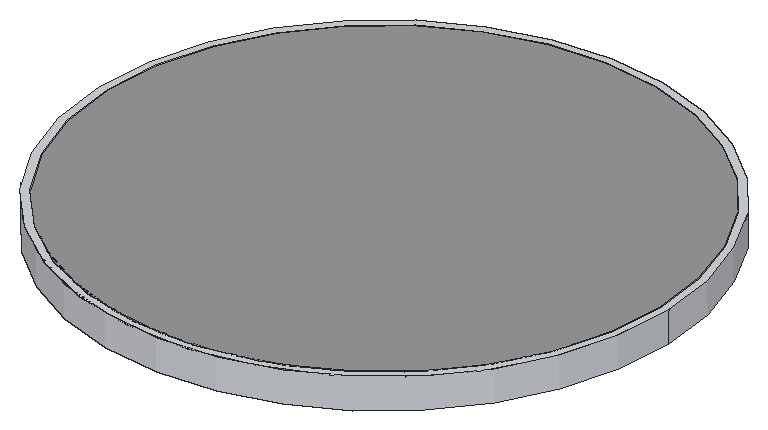
Revit family "2071327", category Lighting Fixtures, host Face, Revit 2018
Family settings
  Host = Face
  Round Connector Dimension = Use Diameter
  Part Type = Junction Box
  OmniClass Number = 23.80.70.00
  OmniClass Title = Lighting
  Cut with Voids When Loaded = No
  Light Source = Yes
  Shared = No
  Room Calculation Point = No
Parameters (values of type "2071327 COLOSSAL 1200 940 PR DIR+H WHT SSA02")
  iner diameter = 1168 mm
  Weight = "n/a"
  Wattage Comments = ""
  Wattage = 30 W
  WarrantyStartDate [instance] = "n/a"
  WarrantyGuarantorParts = "n/a"
  WarrantyDurationUnit = "n/a"
  WarrantyDurationParts = ""
  WarrantyDescription = "http://www.sylvania-lighting.com"
  built-in parameter 1150110 = 1 (stored number, unit not read)
  Voltage = 230 V
  URL = "0.95"
  TypeName = "COLOSSAL 1200mm 940 PRISM DIR+HAL WHITE SSA02"
  Type Image = <None>
  Type Comments = "n/a"
  built-in parameter 1114217 = 1 (stored number, unit not read)
  Tilt Angle = -90.00°
  built-in parameter 1150109 = 1 (stored number, unit not read)
  built-in parameter 1150134 = (empty or 0)
  built-in parameter 1150113 = 1 (stored number, unit not read)
  SerialNumber [instance] = "n/a"
  Photometric Web File = "2071327.ies"
  Material_3_SYL = LED-Sylvania
  PowerFactor = 0
  PowerConsumption = "Lighting"
  NominalLength = 1168 mm
  NominalHeight = 93 mm
  NominalDepth = 1168 mm
  Name = "COLOSSAL 1200mm 940 PRISM DIR+HAL WHITE SSA02"
  ModelReference = Name  # "COLOSSAL 1200mm 940 PRISM DIR+HAL WHITE SSA02"
  ModelNumber = "2071327"
  Model = Name  # "COLOSSAL 1200mm 940 PRISM DIR+HAL WHITE SSA02"
  Material = "Feilo Sylvania"
  ManufacturerName = "118 lm/W"
  Manufacturer = ""
  LuminousEfficacy = ""
  built-in parameter 1150105 = 270.44 (stored number, unit not read)
  Lumens = 3398.4 lm
  LuminaireType = "0"
  built-in parameter 1150115 = 1 (stored number, unit not read)
  LightOutputRatio = "LED"
  built-in parameter 1150137 = (empty or 0)
  built-in parameter 1150139 = (empty or 0)
  LampsType = Lamp  # "n/a"
  LampNominalLuminous = "4000 K"
  LampMacAdamStep = "90"
  LampColourTemperature = "LED"
  LampColourRenderingIndex = "16500"
  built-in parameter 1150112 = 1 (stored number, unit not read)
  built-in parameter 1150114 = 1 (stored number, unit not read)
  Lamp = "n/a"
  Keynote = "n/a"
  InstallationDate [instance] = "n/a"
  InputVoltage = "0"
  InputNominalFrequency = "4000"
  built-in parameter 1150132 = (empty or 0)
  built-in parameter 1150102 = (empty or 0)
  built-in parameter 1150107 = 3000 (stored number, unit not read)
  built-in parameter 1150138 = (empty or 0)
  IngressProtection = "IfcLightFixtureType"
  ImpactProtectionIndex = "IfcLightFixtureType"
  built-in parameter 1150106 = 2.7044 (stored number, unit not read)
  IfcExportType = "IfcLightFixtureType"
  IfcExportAs = "Class I"
  Emit from Circle Diameter = 385 mm
  Emit Shape Visible in Rendering = no
  ElectricShockClassification = "118"
  built-in parameter 1150104 = 10.524 (stored number, unit not read)
  DocumentationLiterature = "http://www.sylvania-lighting.com/product/en-int/products/2071327"
  DimmingControlOptions = "n/a"
  Material_2_SYL = Polycarbonate_Sylvania_White
  Dimming Lamp Color Temperature Shift = <None>
  Description = "1200mm diameter circular architectural luminaire, can be surface mounted or suspended. Powder coated aluminium housing (RAL9016) with PMMA prismatic diffuser. Direct/indirect (halo) light distribution, 14190lm luminuous flux, 120W system power, 118lm/W luminiaire efficacy. Sylsmart Connected enabled. Colour rendering index Ra >90, 4000K Neutral White LED, chromaticity tolerance of 3-step MacAdam ellipse. IP40/IP20, IK03. 350mA drive current. UGR≤19. Electrical protection Class1, 220-240V. Reported lifetime 66k hours L90B10."
  Default Elevation = 1219.2 mm
  CreatedOn = "23/03/2022"
  CreatedBy = "@sylvania-lighting.com"
  Cost = 0
  Color Filter = 16777215
  built-in parameter 1114216 [instance] = (empty or 0)
  ClassificationValue = "EF_70_80"
  ClassificationName = "Uniclass2015"
  Material_1_SYL = Polycarbonate_Sylvania_Opal
  BarCode [instance] = "n/a"
  built-in parameter 1114218 = 1 (stored number, unit not read)
  built-in parameter 1150133 = 10 (stored number, unit not read)
  AssetType = "Fixed"
  AssetIdentifier [instance] = "n/a"
  Assembly Code = "D5020200"
  Apparent Load = 120 VA
  Material_4_SYL = none
Reference planes
  plane 1 "Center (Front/Back)": y = 0
  plane 2: z = 0
  plane 3 "Center (Left/Right)": x = 0
  plane 4: z = 1.161
  plane 5: z = 16.161
  plane 6: y = 584
  plane 7: y = -584
  plane 8: x = 85
  plane 9: x = -85
  plane 10: through (0, 0, 1219.2) normal (0.5, 0.866, 0)
  plane 11: through (42.5, 73.612, 1219.2) normal (0.5, 0.866, 0)
  plane 12: through (-42.5, -73.612, 1219.2) normal (0.5, 0.866, 0)
  plane 13: through (0, 0, 1219.2) normal (0.5, -0.866, 0)
  plane 14: through (-42.5, 73.612, 1219.2) normal (0.5, -0.866, 0)
  plane 15: through (42.5, -73.612, 1219.2) normal (0.5, -0.866, 0)
  plane 16: z = 93
  plane 17: y = 584
  plane 18: y = -584
  plane 19: y = -429
  plane 20: x = -584
  plane 21: x = 584
Forms (mm)
  Extrusion 1, solid, detail levels medium+fine
    sketch origin (0, 0, 0) x (0.866025, -0.5, 0) y (0.5, 0.866025, 0)
      loop
        circle (-50, 86.603) r 22
    from 0 to 2
  Extrusion 2, solid, detail levels medium+fine
    sketch origin (0, 0, 0) x (0.866025, -0.5, 0) y (0.5, 0.866025, 0)
      loop
        circle (100, 0) r 22
      loop
        circle (-50, -86.603) r 22
    from 0 to 2
  Extrusion 3, solid, detail levels medium+fine
    sketch origin (0, 0, 0) x (1, 0, 0) y (0, 1, 0)
      loop
        circle (0, 0) r 584
    from 30 to 93
  Extrusion 4, void
    sketch origin (0, 0, 0) x (1, 0, 0) y (0, 1, 0)
      loop
        circle (0, 0) r 568
    from 96.588 to 37.292
  Extrusion 5, solid, material "Glass, White, High Luminance", detail levels fine
    sketch origin (0, 0, 0) x (1, 0, 0) y (0, 1, 0)
      loop
        circle (0, 0) r 568
    from 88.022 to 93
  Extrusion 6, solid, detail levels coarse
    sketch origin (0, 0, 0) x (1, 0, 0) y (0, 1, 0)
      loop
        line (-584, 584) -> (-584, -584) -> (584, -584) -> (584, 584) -> (-584, 584)
    from 0 to 93
  Blend 7, solid, detail levels medium+fine
    base sketch origin (-10.814, 11.299, 29.922) x (1, 0, 0) y (0, 1, 0)
      loop
        line (-402.654, -330.622) -> (397.346, -330.622) -> (482.346, -183.398) -> (82.346, 509.423) -> (-87.654, 509.423) -> (-487.654, -183.398) -> (-402.654, -330.622)
    top sketch origin (-10.814, 11.299, 29.922) x (1, 0, 0) y (0, 1, 0)
      loop
        line (-363.391, -306.496) -> (364.632, -306.496) -> (449.632, -159.272) -> (87.132, 468.597) -> (-82.868, 468.597) -> (-445.368, -159.272) -> (-363.391, -306.496)
    from 0 to -30
Cuts and joins
  Extrusion 4 cuts Extrusion 1
  Extrusion 4 cuts Extrusion 2
  Extrusion 4 cuts Extrusion 3
Lines and regions (mm)
  model lines, detail levels medium+fine
    curve 1: circle (0, 0, 0) r 155 normal (0, 0, 1)
  reference lines
    curve 2: circle (0, 0, 0) r 489 normal (0, 0, 1)
    curve 3: circle (0, 0, 0) r 521 normal (0, 0, 1)
    curve 4: line (0, 0, 0) -> (606.218, -350, 0)
    curve 5: line (0, 0, 0) -> (0, 825, 0)
    curve 6: line (0, 0, 0) -> (-623.538, -360, 0)
    curve 7: line (639.013, -270.785, 0) -> (85, 49.075, 0)
    curve 8: line (563.718, -423.612, 0) -> (0, -98.15, 0)
    curve 9: line (85, 49.075, 0) -> (85, 825, 0)
    curve 10: line (-85, 49.075, 0) -> (-85, 825, 0)
    curve 11: line (-85, 49.075, 0) -> (-666.038, -286.388, 0)
    curve 12: line (-581.038, -433.612, 0) -> (0, -98.15, 0)
Dimensions and locks
  plane 4 to level = 1.161 mm
  locked: plane 5 to plane 4 at 15
  "NominalDepth": plane 6 to plane 7
  plane 6 to plane 1 "Center (Front/Back)" to plane 7 = 584 mm, 584 mm
  "NominalHeight": level to plane 16
  equal spacing: plane 17, plane 1 "Center (Front/Back)", plane 18
  "NominalLength": plane 20 to plane 21
  equal spacing: plane 20, plane 3 "Center (Left/Right)", plane 21
  aligned and locked: plane 2 to host face
  aligned and locked: level to host face
  aligned and locked: plane 6 to Extrusion 6
Automatic sketch dimensions
  host sketch curve to host sketch curve = 2438.4 mm  (x2)
  Extrusion 1 sketch curve to plane 3 "Center (Left/Right)" = 0 mm
  Extrusion 1 sketch curve to plane 1 "Center (Front/Back)" = 100 mm
  plane 1 "Center (Front/Back)" to Extrusion 2 sketch curve = 50 mm
  Extrusion 2 sketch curve to plane 3 "Center (Left/Right)" = 86.603 mm
  Extrusion 2 sketch curve to Extrusion 2 sketch curve = 150 mm
  Extrusion 2 sketch curve to Extrusion 2 sketch curve = 86.603 mm
  plane 1 "Center (Front/Back)" to curve 1 = 0 mm
  curve 1 to plane 3 "Center (Left/Right)" = 0 mm
  plane 1 "Center (Front/Back)" to Extrusion 3 sketch curve = 0 mm
  Extrusion 3 sketch curve to plane 3 "Center (Left/Right)" = 0 mm
  plane 1 "Center (Front/Back)" to Extrusion 4 sketch curve = 0 mm
  Extrusion 4 sketch curve to plane 3 "Center (Left/Right)" = 0 mm
  plane 1 "Center (Front/Back)" to Extrusion 5 sketch curve = 0 mm
  Extrusion 5 sketch curve to plane 3 "Center (Left/Right)" = 0 mm
  curve 2 to curve 3 = 0 mm  (x2)
  curve 11 to plane 14 = 0 mm
  curve 6 to plane 13 = 0 mm
  curve 12 to plane 15 = 0 mm
  curve 10 to plane 9 = 0 mm
  curve 12 to plane 3 "Center (Left/Right)" = 0 mm
  plane 1 "Center (Front/Back)" to curve 3 = 0 mm
  curve 3 to plane 3 "Center (Left/Right)" = 0 mm
  curve 7 to plane 8 = 0 mm
  curve 11 to plane 10 = 0 mm
  curve 12 to plane 19 = 4.612 mm
  plane 19 to curve 6 = 69 mm
  plane 19 to curve 11 = 142.612 mm
  plane 19 to curve 8 = 5.388 mm
  plane 19 to curve 4 = 79 mm
  plane 19 to curve 7 = 158.215 mm
  plane 6 to curve 5 = 241 mm
  curve 10 to curve 5 = 0 mm
  curve 5 to curve 9 = 0 mm
  plane 1 "Center (Front/Back)" to curve 6 = 0 mm
  curve 6 to plane 3 "Center (Left/Right)" = 0 mm
  Extrusion 6 sketch curve to plane 7 = 0 mm
  Extrusion 6 sketch curve to plane 6 = 0 mm
  Blend 7 sketch curve to plane 6 = 756.098 mm  (x2)
  Blend 7 sketch curve to Blend 7 sketch curve = 85 mm
  plane 3 "Center (Left/Right)" to Blend 7 sketch curve = 386.532 mm
  plane 8 to Blend 7 sketch curve = 386.532 mm
  Blend 7 sketch curve to plane 6 = 63.278 mm
  Blend 7 sketch curve to plane 6 = 731.972 mm  (x2)
  Blend 7 sketch curve to Blend 7 sketch curve = 81.977 mm
  plane 3 "Center (Left/Right)" to Blend 7 sketch curve = 353.818 mm
  plane 8 to Blend 7 sketch curve = 353.818 mm
  Blend 7 sketch curve to plane 6 = 104.104 mm
  plane 12 to curve 8 = 0 mm
  plane 19 to Blend 7 sketch curve = 109.677 mm
  plane 19 to Blend 7 sketch curve = 133.803 mm
  plane 8 to Extrusion 6 sketch curve = 499 mm
  Extrusion 6 sketch curve to plane 9 = 499 mm
  Blend 7 sketch curve to plane 8 = 13.468 mm
  Blend 7 sketch curve to plane 9 = 13.468 mm
  Blend 7 sketch curve to plane 9 = 328.468 mm
  Blend 7 sketch curve to plane 8 = 8.682 mm
  Blend 7 sketch curve to plane 9 = 8.682 mm
  Blend 7 sketch curve to plane 9 = 289.205 mm
  plane 10 to curve 4 = 0 mm
  plane 11 to curve 7 = 0 mm
  curve 12 to plane 12 = 0 mm
  curve 9 to plane 11 = 0 mm
  radius of Extrusion 1 sketch curve = 22 mm
  radius of Extrusion 2 sketch curve = 22 mm  (x2)
  radius of curve 1 = 155 mm
  radius of Extrusion 3 sketch curve = 584 mm
  radius of Extrusion 4 sketch curve = 568 mm
  radius of Extrusion 5 sketch curve = 568 mm
  radius of curve 2 = 489 mm
  radius of curve 3 = 521 mm
Connectors
  electrical at (0, 0, 30)
    settings: on cut or joined group of Extrusion 3, Extrusion 4, index 1, voltage 0 V, apparent load 0 VA, apparent load phase1 0 VA, apparent load phase2 0 VA, apparent load phase3 0 VA, power factor 1, load classification "Other", number of poles 1, system type 31, power factor state 1, is connector primary yes, connector utility no, sub classification motor no, connector description ""
